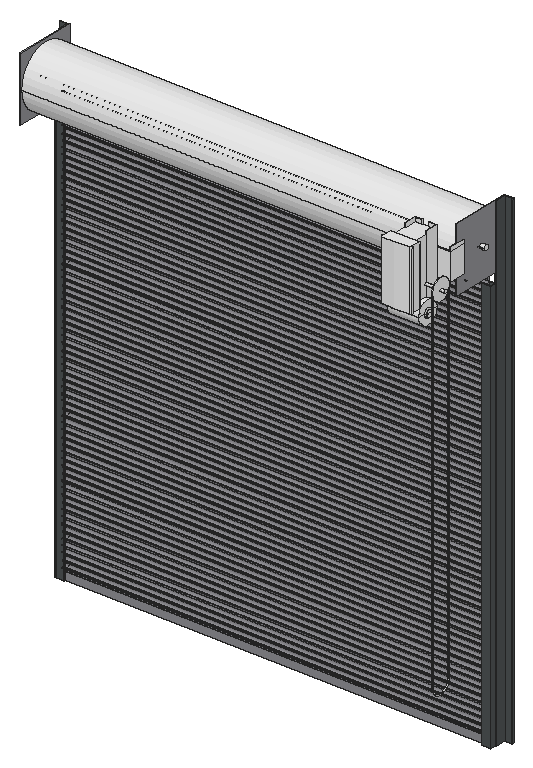
Revit family "FireKing-Fire-Rated-Service-Doors_OHD_Model-634_compact", category Specialty Equipment, host Wall, Revit 2023
Family settings
  Host = Wall
  Round Connector Dimension = Use Diameter
  Part Type = Normal
  OmniClass Number = 23.30.10.21.34
  OmniClass Title = Industrial Doors
  Enable Cutting in Views = No
  Always vertical = Yes
  Cut with Voids When Loaded = Yes
  Maintain Annotation Orientation = No
  Shared = No
  Room Calculation Point = No
Parameters (values of type "115 volts, one phase, 60 Hz (110-120V range)")
  Width Count [instance] = if(or(Opening Width < 168", Opening Width = 168"), 14, if(or(Opening Width < 240", Opening Width = 240"), 20, 24))  # 14
  Warning Sign [instance] = if(Calculated Area > 683.00 SF, 1 = 1, 1 = 2)  # no
  Warning (Note) [instance] = if(Warning Sign, "The Door Area is out of the limit; please adjust accordingly. The maximum allowed area is 683 sq. ft.", if(HC Warning = 1, "Headroom Clearance Dimensions - out of the limits. Consult Factory", " "))  # " "
  Wall Thickness [instance] = 6"
  Voltage = 115 V
  Version = "1.00.01"  # constant formula
  True Opening Width [instance] = Clear Width  # 120"
  True Opening Height [instance] = Clear Height  # 120"
  Slat Type [instance] = if(Slat Option < 2, "C-187", if(Slat Option = 2, "C-275", "F-265"))  # "C-187"
  Slat Option [instance] = 1
  Slat Material [instance] = Steel - Overhead Door - Gray
  Slat Length [instance] = Clear Width + 1 9/16" * 2 + 1/4" * 2  # 123 5/8"
  Slat Height [instance] = if(Slat < 2, 11 9/32", if(Slat = 2, 13 3/4", 13 19/128"))  # 11 9/32"
  Slat [instance] = if(Slat Option < 2, 1, if(Slat Option = 2, 2, 3))  # 1
  Product Page URL = "https://www.overheaddoor.com/fire-rated-service-doors-634"
  Power Factor = 1
  Powder Coat (Note) = "PowderGuard® Premium powder coat finish options are available in approximately 200 colors as well as custom matching to specification. PowderGuard® Textured finish, a thicker, more scratch resistant coat, is available in 11 colors providing enhanced scratch resistance as well as aiding in hiding the dirt and blemishes that often occur in commercial environments.​"  # constant formula
  Operator Visibility = yes
  Operation (Note) [instance] = "Door could operate by manual push, crank, electrical operator or chain hoist. Manual push up and crank could be used up to 80 sf, for larger door sizes you have to use Chain Hoist operator."  # constant formula
  Opening Width Real [instance] = if(Opening Width > Max Opening Width, Max Opening Width, if(Opening Width < Min Opening Width, Min Opening Width, Opening Width))  # 120"
  Opening Width [instance] = 120"
  Opening Height Real [instance] = if(Opening Height > Max Opening Height, Max Opening Height, if(Opening Height < Min Opening Height, Min Opening Height, Opening Height))  # 120"
  Opening Height [instance] = 120"
  One Array element [instance] = not(Array Vis)  # no
  Number of Poles = 1
  Motor Type [instance] = if(Motor Option < 2, "RSX FDO Front of Hood", if(Motor Option = 2, "RSX FDO Top of Hood", if(Motor Option = 3, "RSX Wall Mount", "RSX Bench Mount")))  # "RSX FDO Front of Hood"
  Motor Selection (Note) [instance] = "Generic operator shown. Contact Overhead Door when dimensions are critical. "  # constant formula
  Motor Position [instance] = 2 1/2"  # constant formula
  Motor Option Real [instance] = if(Motor Option < 1, 1, if(Motor Option > 4, 4, Motor Option))  # 1
  Motor Option [instance] = 1
  Min Opening Width [instance] = 18"  # constant formula
  Min Opening Height [instance] = 24"  # constant formula
  Max Opening Width [instance] = 494"  # constant formula
  Max Opening Height [instance] = 304"  # constant formula
  Lookup Table = "Hood Dimensions"  # constant formula
  Lookup BD [instance] = size_lookup(Lookup Table, if(Slat = 1, "A1", if(Slat = 2, "A2", "A3")), 10", Width Count, Height Count)  # 17 1/2"
  Jambs Offset [instance] = 0"  # constant formula
  Installation Real [instance] = Wall Thickness  # 6"
  Hood Type [instance] = if(Hood Option < 2, "No Hood", if(Hood Option = 2, "Square Hood", if(Hood Option = 3, "Octagon Hood", "Round Hood")))  # "No Hood"
  Hood Option [instance] = 1
  Hood Offset [instance] = if(Chain Hoist or Manual, 1", 3")  # 3"
  Hood Material [instance] = Metal - Overhead Door - Gray
  Hood Height [instance] = if(Hood Option > 1, Headroom Height - Hood Offset - 1 1/2", Headroom Height - Hood Offset)  # 18 5/8"
  Height Count [instance] = if(Slat = 1, HC 1, if(Slat = 2, HC 2, HC 3))  # 10
  Lookup HH [instance] = size_lookup(Lookup Table, if(Slat = 1, "B1", if(Slat = 2, "B2", "B3")), 10", Width Count, Height Count)  # 19 5/8"
  Headroom Height [instance] = if(Chain Hoist or Manual, Lookup HH, Lookup HH + 2")  # 21 5/8"
  HC Warning [instance] = size_lookup(Lookup Table, if(Slat = 1, "W1", if(Slat = 2, "W2", "W3")), 0, Width Count, Height Count)  # 0
  HC 3 [instance] = if(or(Opening Height < 120", Opening Height = 120"), 10, if(or(Opening Height < 168", Opening Height = 168"), 14, if(or(Opening Height < 192", Opening Height = 192"), 16, if(or(Opening Height < 216", Opening Height = 216"), 18, if(or(Opening Height < 228", Opening Height = 228"), 19, if(or(Opening Height < 252", Opening Height = 252"), 21, 24))))))  # 10
  HC 2 [instance] = if(or(Opening Height < 120", Opening Height = 120"), 10, if(or(Opening Height < 132", Opening Height = 132"), 11, if(or(Opening Height < 168", Opening Height = 168"), 14, if(or(Opening Height < 192", Opening Height = 192"), 16, if(or(Opening Height < 216", Opening Height = 216"), 18, if(or(Opening Height < 228", Opening Height = 228"), 19, if(or(Opening Height < 252", Opening Height = 252"), 21, 24)))))))  # 10
  HC 1 [instance] = if(or(Opening Height < 120", Opening Height = 120"), 10, if(or(Opening Height < 252", Opening Height = 252"), 21, 24))  # 10
  Guide Type [instance] = "Angled Z Guide"  # constant formula
  Guide Option [instance] = 2  # constant formula
  Guid Depth [instance] = 5"  # constant formula
  Frequency = 60 Hz
  Face of Wall Offset [instance] = 5"  # constant formula
  Door Width True [instance] = Clear Width + 5 3/4" * 2  # 131 1/2"
  Door Width (Real) [instance] = Clear Width + 1" / 2  # 120 1/2"
  Door Height True [instance] = Clear Width + Headroom Height  # 141 5/8"
  Door Height (Real) [instance] = Clear Height + Hood Offset  # 123"
  URL = "https://www.overheaddoor.com/"
  Product data url = "https://www.bimobject.com/overhead-door/product/fireking-fire-rated-service-doors-634"
  Product Guid = "4cbd5561-2503-414f-8e19-e77c0373dcf8"
  Model = "634"  # constant formula
  Manufacturer = "Overhead Door Corporation"  # constant formula
  Wall Closure = By host
  Floor To (CL) of Shaft [instance] = Clear Height + Hood Height / 2 + Hood Offset  # 132 5/16"
  Finish Material = Finish - Overhead Door - Black
  Description = "FireKing Model 634 Rolling Fire Door"  # constant formula
  Default Elevation = 0"
  Date Updated = "2026/05/29"  # constant formula
  Clear Width [instance] = Opening Width Real  # 120"
  Clear Height [instance] = Opening Height Real  # 120"
  Chain Hoist or Manual = no
  Current = 20 A
  Connector Array Distance = 0"  # constant formula
  Connector Array = if(Chain Hoist or Manual, 2, 3)  # 3
  BimObject_Variable_Connectors = "No"  # constant formula
  Bar [instance] = no
  Backroom Depth [instance] = Lookup BD  # 17 1/2"
  BJ Opening Cut [instance] = 0"  # constant formula
  BJ Displacement Real [instance] = 0"  # constant formula
  Array Vis [instance] = if(Array < 2, 1 = 2, 1 = 1)  # yes
  Array Real [instance] = if(Array < 2, 2, Array)  # 11
  Array Length [instance] = (Array) * Slat Height  # 124 3/32"
  Array [instance] = rounddown(([Door Height (Real)]) / Slat Height) + 1  # 11
  Calculated Area [instance] = [Door Width (Real)] * [Door Height (Real)]  # 102.927 SF
  Apparent Load Phase 3 = if(Number of Poles = 1, 0 VA, (Voltage * Current * sqrt(3)) / 3)  # 0 VA
  Apparent Load Phase 2 = if(Number of Poles = 1, 0 VA, (Voltage * Current * sqrt(3)) / 3)  # 0 VA
  Apparent Load Phase 1 = if(Number of Poles = 1, Voltage * Current, (Voltage * Current * sqrt(3)) / 3)  # 2300 VA
Reference planes (in)
  plane 1 "Center (Front/Back)": y = -14.625
  plane 2 "Center (Left/Right)": x = 0
  plane 3 "Left": x = -60
  plane 4 "Right": x = 60
  plane 5 "Exterior": y = -8.625
  plane 6 "Interior": y = -14.625
  plane 7: x = 65.75
  plane 8: x = -65.75
  plane 9: z = 120
  plane 10 "Main": y = -18.98437
  plane 11 "Backroom Depth": y = -32.125
  plane 12 "Main Door Block": y = -14.625
  plane 13 "Bottom Bar": z = 2.75
  plane 14: y = -19.625
  plane 15: z = 126.84375
  plane 16: z = 141.625
  plane 17: z = 123
  plane 18: z = 143.125
  plane 19: z = 0
  plane 20: z = 60
  plane 21: y = -18.7185
  plane 22: y = 18.375
  plane 23: y = -41.625
  plane 24 "Double Main": y = -18.406
  plane 25 "Headroom Top": z = 141.625
  plane 26: z = 132.3125
  plane 27: x = 63.25
  plane 28: x = -63.25
Forms (in)
  Extrusion 1, void
    sketch origin (0, -14.625, 0) x (0, 0, -1) y (-1, 0, 0)
      loop
        line (-120, 60) -> (-120, -60) -> (0, -60) -> (0, 60) -> (-120, 60)
    from 0 to 6
  Extrusion 2, solid, material "Metal - Overhead Door - Gray" <- "Hood Material", visible <- "Bar"
    sketch origin (0, 0, 0) x (0, 1, 0) y (0, 0, 1)
      loop
        line (-14.875, 141.625) -> (-14.625, 141.625) -> (-14.625, 143.125) -> (-14.875, 143.125) -> (-14.875, 141.625)
    from -63 to 63
Lines and regions (in)
  symbolic lines, visible <- "Bar"
    curve 1: line (63, -14.625, 0) -> (-63, -14.625, 0)
    curve 2: line (-63, -14.875, 0) -> (63, -14.875, 0)
Text (in)
  text "Exterior" at (-74.96733, 27.31104, 0), in view "Ref. Level"
  text "Interior" at (-74.96733, -25.14366, 0), in view "Ref. Level"
  text "Exterior" at (0, 40.15149, 123.01588), in view "Right"
  text "Interior" at (0, -64.39139, 123.01588), in view "Right"
  text "Interior" at (0, -31.01599, 123.00693), in view "Left"
  text "Exterior" at (0, 54.57065, 123.00693), in view "Left"
Dimensions and locks (in)
  equal spacing: plane 3 "Left", plane 2 "Center (Left/Right)", plane 4 "Right"
  "Clear Width": plane 3 "Left" to plane 4 "Right"
  level to host wall = 459.59655"
  "Clear Height": level to plane 9
  plane 7 to plane 8 = 131 1/2"
  equal spacing: plane 7, plane 2 "Center (Left/Right)", plane 8
  locked: plane 13 "Bottom Bar" to level at 2.75
  "Door Width True": plane 7 to plane 8
  "Guid Depth": plane 14 to plane 12 "Main Door Block"
  locked: plane 14 to plane 10 "Main" at 0.64063
  equal spacing: group 1, group 3, group 4, group 5, group 6, group 7, group 8, group 9, group 10, group 11, group 2  (x3)
  "Array Length": plane 15 to plane 13 "Bottom Bar"
  "Backroom Depth": plane 11 "Backroom Depth" to plane 12 "Main Door Block"
  "Hood Height": plane 16 to plane 17
  locked: plane 18 to plane 16 at 1.5
  locked: Extrusion 2 sketch curve to Extrusion 2 sketch curve at 0.25
  "Installation Real": plane 1 "Center (Front/Back)" to plane 5 "Exterior"
  "Wall Thickness": host wall to host wall
  equal spacing: plane 9, plane 20, plane 19
  locked: plane 10 "Main" to plane 21 at 0.26587
  equal spacing: plane 22, host wall, plane 23
  locked: plane 22 to plane 23 at 60
  locked: plane 10 "Main" to plane 24 "Double Main" at 0.57837
  "BJ Opening Cut": Extrusion 1 sketch curve to plane 9
  locked: Extrusion 2 sketch curve to Extrusion 2 sketch curve at 1.5
  "Hood Offset": plane 17 to plane 9
  "Headroom Height": plane 25 "Headroom Top" to plane 9
  "Floor To (CL) of Shaft": plane 26 to level
  "Jambs Offset": plane 4 "Right" to Extrusion 1 sketch curve
  "Jambs Offset": Extrusion 1 sketch curve to plane 3 "Left"
  "Motor Position": plane 7 to plane 27
  "Motor Position": plane 28 to plane 8
  locked: plane 28 to Extrusion 2 at 0.25
  locked: Extrusion 2 to plane 27 at 0.25
  aligned and locked: plane 5 "Exterior" to host wall
  aligned and locked: host wall to plane 6 "Interior"
  aligned and locked: level to Extrusion 1 sketch curve
  aligned and locked: Extrusion 1 to plane 5 "Exterior"
  aligned and locked: plane 6 "Interior" to Extrusion 1
  aligned and locked: nested 1 to plane 10 "Main"
  aligned and locked: nested 2 to plane 10 "Main"
  aligned and locked: plane 13 "Bottom Bar" to nested 1
  aligned and locked: nested 3 to plane 2 "Center (Left/Right)"
  aligned and locked: plane 16 to nested 4
  aligned and locked: nested 3 to level
  aligned and locked: Extrusion 2 sketch curve to plane 18
  aligned and locked: plane 6 "Interior" to Extrusion 2 sketch curve
  aligned and locked: curve 1 to Extrusion 2  (x2)
  aligned and locked: curve 2 to Extrusion 2  (x2)
  aligned and locked: Extrusion 2 to curve 2
  aligned and locked: plane 12 "Main Door Block" to plane 1 "Center (Front/Back)"
  aligned and locked: plane 5 "Exterior" to nested 4
  aligned and locked: level to plane 19
  aligned and locked: plane 15 to nested 2
  aligned and locked: nested 3 to plane 1 "Center (Front/Back)"
  aligned and locked: plane 2 "Center (Left/Right)" to nested 5
  aligned and locked: nested 5 to plane 22
  aligned and locked: plane 23 to nested 6
  aligned and locked: nested 6 to plane 2 "Center (Left/Right)"
  aligned and locked: nested 7 to plane 20
  aligned and locked: plane 2 "Center (Left/Right)" to nested 7
  aligned and locked: nested 7 to plane 10 "Main"
  aligned and locked: plane 13 "Bottom Bar" to nested 8
  aligned and locked: plane 2 "Center (Left/Right)" to nested 8
  aligned and locked: nested 8 to plane 10 "Main"
  aligned and locked: nested 4 to plane 27
  aligned and locked: plane 2 "Center (Left/Right)" to nested 1
  aligned and locked: plane 2 "Center (Left/Right)" to nested 9
Automatic sketch dimensions
  curve 1 to curve 2 = 0"
Nested families (in)
  nested 1: "Slat" at (0, -18.98437, 2.75), visible <- "Array Vis", type "Slat"
  nested 2: "Slat" at (0, -18.98437, 115.56375), visible <- "Array Vis", type "Slat"
  nested 3: "Lifts" at (0, -14.625, 0), type "Frame Unit"
    with Square Hood no, Round Hood no, Octagon Hood no, No Hood yes, Hood Offset 3", Hood Height 18 5/8", Half Hood Height 18 5/8", Floor To (CL) of Shaft 132 5/16"
  nested 4: "Motor" at (56.3705, -39.705, 121.2425), visible <- "Operator Visibility", type "Trolley Motor"
  nested 5: "Label Annotation 1" at (0, 18.375, 0), visible <- "Warning Sign", type "Label Annotation 1"
  nested 6: "Label Annotation 1" at (0, -41.625, 0) x (-1, 0, 0) z (0, 0, 1), visible <- "Warning Sign", type "Label Annotation 1"
  nested 7: "Warning Sign" at (0, -18.98437, 60), visible <- "Warning Sign", type "Warning Sign"
    with Warning Sign no
  nested 8: "Slat" at (0, -18.98437, 2.75), visible <- "One Array element", type "Slat"
  nested 9: "Slat" at (0, -18.98437, 14.03137), visible <- "Array Vis", type "Slat"
  nested 10: "Slat" at (0, -18.98437, 25.31275), visible <- "Array Vis", type "Slat"
  nested 11: "Slat" at (0, -18.98437, 36.59412), visible <- "Array Vis", type "Slat"
  nested 12: "Slat" at (0, -18.98437, 47.8755), visible <- "Array Vis", type "Slat"
  nested 13: "Slat" at (0, -18.98437, 59.15687), visible <- "Array Vis", type "Slat"
  nested 14: "Slat" at (0, -18.98437, 70.43825), visible <- "Array Vis", type "Slat"
  nested 15: "Slat" at (0, -18.98437, 81.71963), visible <- "Array Vis", type "Slat"
  nested 16: "Slat" at (0, -18.98437, 93.001), visible <- "Array Vis", type "Slat"
  nested 17: "Slat" at (0, -18.98437, 104.28238), visible <- "Array Vis", type "Slat"
Connectors (in)
  electrical at (59.3585, -38.31077, 131.8123), driven by "Apparent Load Phase 1", driven by "Number of Poles", driven by "Power Factor", driven by "Voltage", driven by "Apparent Load Phase 2", driven by "Apparent Load Phase 3"
    settings: on nested 4, index 1, voltage 115 V, apparent load 0 VA, apparent load phase1 2300 VA, apparent load phase2 0 VA, apparent load phase3 0 VA, power factor 1, load classification "Other", number of poles 1, system type 31, power factor state 1, is connector primary yes, connector utility no, sub classification motor no, connector description "Electrical Connector"
Definition of nested family "Slat"
  Parameters (values of type "Slat")
    Slat Width = if(Slat Option < 2, 0.53", if(Slat Option = 2, 0.88", 0.63"))  # 0.53"
    Slat Position = if(Slat Option < 2, 1.88" * 6, if(Slat Option = 2, 2 3/4" * 5, 2.63" * 5))  # 11.28"
    Slat Option = 1
    Panel Material = none
    Opening Width = 123 5/8"
    F 265 = if(Slat Option > 2, 1 = 1, 1 = 2)  # no
    Default Elevation = 48"
    C 275 = if(Slat Option = 2, 1 = 1, 1 = 2)  # no
    C 187 = if(Slat Option < 2, 1 = 1, 1 = 2)  # yes
  Reference planes (in)
    plane 1 "Center (Front/Back)": y = 0
    plane 2: z = 0
    plane 3 "Center (Left/Right)": x = 0
    plane 4: x = -61.8125
    plane 5: x = 61.8125
    plane 6: y = 0.53
    plane 7: y = 0
    plane 8: z = 0
    plane 9: z = 11.28
    plane 10: y = 0.265
  Forms (in)
    Extrusion 1, solid, material <- "Panel Material", visible <- "C 187"
      sketch origin (0, -4.98186, 11.28) x (0, 1, 0) y (0, 0, 1)
        loop
          arc (5.13374, -0.19852) -> (5.22413, 0.04375) -> (4.98186, -0.04664) r 0.14213
          arc (4.98186, -0.04664) -> (5.00563, -0.16042) -> (5.08572, -0.24466) r 0.21243
          arc (5.08572, -0.24466) -> (5.4383, -0.89756) -> (5.02595, -1.51447) r 0.71901
          arc (5.02595, -1.51447) -> (4.97908, -1.58828) -> (5.02595, -1.6621) r 0.08156
          arc (5.02595, -1.6621) -> (5.11263, -1.7164) -> (5.18387, -1.78979) r 0.42621
          arc (5.18387, -1.78979) -> (4.98591, -1.90085) -> (5.06579, -2.11331) r 0.17419
          arc (5.06579, -2.11331) -> (5.43875, -2.76611) -> (5.02595, -3.39447) r 0.71901
          arc (5.02595, -3.39447) -> (4.97908, -3.46828) -> (5.02595, -3.5421) r 0.08156
          arc (5.02595, -3.5421) -> (5.11263, -3.5964) -> (5.18387, -3.66979) r 0.42621
          arc (5.18387, -3.66979) -> (4.98591, -3.78085) -> (5.06579, -3.99331) r 0.17419
          arc (5.06579, -3.99331) -> (5.43875, -4.64611) -> (5.02595, -5.27447) r 0.71901
          arc (5.02595, -5.27447) -> (4.97908, -5.34828) -> (5.02595, -5.4221) r 0.08156
          arc (5.02595, -5.4221) -> (5.11263, -5.4764) -> (5.18387, -5.54979) r 0.42621
          arc (5.18387, -5.54979) -> (4.98591, -5.66085) -> (5.06579, -5.87331) r 0.17419
          arc (5.06579, -5.87331) -> (5.43875, -6.52611) -> (5.02595, -7.15447) r 0.71901
          arc (5.02595, -7.15447) -> (4.97908, -7.22828) -> (5.02595, -7.3021) r 0.08156
          arc (5.02595, -7.3021) -> (5.11263, -7.3564) -> (5.18387, -7.42979) r 0.42621
          arc (5.18387, -7.42979) -> (4.98591, -7.54085) -> (5.06579, -7.75331) r 0.17419
          arc (5.06579, -7.75331) -> (5.43875, -8.40611) -> (5.02595, -9.03447) r 0.71901
          arc (5.02595, -9.03447) -> (4.97908, -9.10828) -> (5.02595, -9.1821) r 0.08156
          arc (5.02595, -9.1821) -> (5.11263, -9.2364) -> (5.18387, -9.30979) r 0.42621
          arc (5.18387, -9.30979) -> (4.98591, -9.42085) -> (5.06579, -9.63331) r 0.17419
          arc (5.06579, -9.63331) -> (5.43875, -10.28611) -> (5.02595, -10.91447) r 0.71901
          arc (5.02595, -10.91447) -> (4.97908, -10.98828) -> (5.02595, -11.0621) r 0.08156
          arc (5.02595, -11.0621) -> (5.11263, -11.1164) -> (5.18387, -11.18979) r 0.42621
          arc (5.18387, -11.18979) -> (4.98464, -11.27401) -> (5.11521, -11.44645) r 0.13704
          arc (5.11521, -11.44645) -> (5.2675, -11.35269) -> (5.24767, -11.17496) r 0.167
          arc (5.24767, -11.17496) -> (5.15003, -11.06824) -> (5.03941, -10.97505) r 1.11641
          arc (5.03941, -10.97505) -> (5.51106, -10.31587) -> (5.13374, -9.59852) r 0.77203
          arc (5.13374, -9.59852) -> (5.27713, -9.47917) -> (5.24767, -9.29496) r 0.18851
          arc (5.24767, -9.29496) -> (5.15003, -9.18824) -> (5.03941, -9.09505) r 1.11641
          arc (5.03941, -9.09505) -> (5.51106, -8.43587) -> (5.13374, -7.71852) r 0.77203
          arc (5.13374, -7.71852) -> (5.27713, -7.59917) -> (5.24767, -7.41496) r 0.18851
          arc (5.24767, -7.41496) -> (5.15003, -7.30824) -> (5.03941, -7.21505) r 1.11641
          arc (5.03941, -7.21505) -> (5.51106, -6.55587) -> (5.13374, -5.83852) r 0.77203
          arc (5.13374, -5.83852) -> (5.27713, -5.71917) -> (5.24767, -5.53496) r 0.18851
          arc (5.24767, -5.53496) -> (5.15003, -5.42824) -> (5.03941, -5.33505) r 1.11641
          arc (5.03941, -5.33505) -> (5.51106, -4.67587) -> (5.13374, -3.95852) r 0.77203
          arc (5.13374, -3.95852) -> (5.27713, -3.83917) -> (5.24767, -3.65496) r 0.18851
          arc (5.24767, -3.65496) -> (5.15003, -3.54824) -> (5.03941, -3.45505) r 1.11641
          arc (5.03941, -3.45505) -> (5.51106, -2.79587) -> (5.13374, -2.07852) r 0.77203
          arc (5.13374, -2.07852) -> (5.27713, -1.95917) -> (5.24767, -1.77496) r 0.18851
          arc (5.24767, -1.77496) -> (5.15003, -1.66824) -> (5.03941, -1.57505) r 1.11641
          arc (5.03941, -1.57505) -> (5.51106, -0.91587) -> (5.13374, -0.19852) r 0.77203
      from -61.8125 to 61.8125
    Extrusion 2, solid, material <- "Panel Material", visible <- "F 265"
      sketch origin (0, -4.98186, 11.28) x (0, 1, 0) y (0, 0, 1)
        loop
          arc (5.02225, -13.3083) -> (5.02946, -13.359) -> (5.06714, -13.39369) r 0.07621
          line (5.06714, -13.39369) -> (5.50213, -13.53037)
          arc (5.50213, -13.53037) -> (5.5795, -13.52023) -> (5.61555, -13.45101) r 0.08448
          line (5.61555, -13.45101) -> (5.61555, -11.01166)
          arc (5.61555, -11.01166) -> (5.59226, -10.95542) -> (5.53602, -10.93213) r 0.07953
          line (5.53602, -10.93213) -> (5.07146, -10.90651)
          arc (5.07146, -10.90651) -> (5.05162, -10.89829) -> (5.0434, -10.87845) r 0.02806
          line (5.0434, -10.87845) -> (5.06714, -10.76816) -> (5.50213, -10.90484)
          arc (5.50213, -10.90484) -> (5.5795, -10.8947) -> (5.61555, -10.82548) r 0.08448
          line (5.61555, -10.82548) -> (5.61555, -8.38613)
          arc (5.61555, -8.38613) -> (5.59226, -8.32989) -> (5.53602, -8.3066) r 0.07953
          line (5.53602, -8.3066) -> (5.07145, -8.28099)
          arc (5.07145, -8.28099) -> (5.05162, -8.27278) -> (5.0434, -8.25295) r 0.02804
          line (5.0434, -8.25295) -> (5.06682, -8.14253) -> (5.50213, -8.27931)
          arc (5.50213, -8.27931) -> (5.5795, -8.26916) -> (5.61555, -8.19995) r 0.08448
          line (5.61555, -8.19995) -> (5.61555, -5.7606)
          arc (5.61555, -5.7606) -> (5.59226, -5.70436) -> (5.53602, -5.68106) r 0.07953
          line (5.53602, -5.68106) -> (5.07146, -5.65544)
          arc (5.07146, -5.65544) -> (5.05162, -5.64722) -> (5.0434, -5.62738) r 0.02806
          line (5.0434, -5.62738) -> (5.06714, -5.51709) -> (5.50213, -5.65378)
          arc (5.50213, -5.65378) -> (5.5795, -5.64363) -> (5.61555, -5.57441) r 0.08448
          line (5.61555, -5.57441) -> (5.61555, -3.13506)
          arc (5.61555, -3.13506) -> (5.59226, -3.07882) -> (5.53602, -3.05553) r 0.07953
          line (5.53602, -3.05553) -> (5.07145, -3.02992)
          arc (5.07145, -3.02992) -> (5.05162, -3.02171) -> (5.0434, -3.00188) r 0.02804
          line (5.0434, -3.00188) -> (5.06682, -2.89146) -> (5.50213, -3.02824)
          arc (5.50213, -3.02824) -> (5.5795, -3.0181) -> (5.61555, -2.94888) r 0.08448
          line (5.61555, -2.94888) -> (5.61555, -0.50953)
          arc (5.61555, -0.50953) -> (5.59226, -0.45329) -> (5.53602, -0.43) r 0.07953
          line (5.53602, -0.43) -> (5.07094, -0.40562)
          arc (5.07094, -0.40562) -> (5.05177, -0.39768) -> (5.04383, -0.37851) r 0.02711
          line (5.04383, -0.37851) -> (5.09718, -0.11725)
          arc (5.09718, -0.11725) -> (5.4945, 0.04334) -> (5.06596, 0.04602) r 0.21842
          line (5.06596, 0.04602) -> (4.98186, -0.36586)
          arc (4.98186, -0.36586) -> (4.99921, -0.43741) -> (5.06536, -0.46972) r 0.08656
          line (5.06536, -0.46972) -> (5.51922, -0.48958)
          arc (5.51922, -0.48958) -> (5.54224, -0.4991) -> (5.55178, -0.52211) r 0.03256
          line (5.55178, -0.52211) -> (5.55375, -2.9399)
          arc (5.55375, -2.9399) -> (5.54189, -2.96619) -> (5.51328, -2.96983) r 0.02952
          line (5.51328, -2.96983) -> (5.0787, -2.83327) -> (5.09726, -2.74238)
          arc (5.09726, -2.74238) -> (5.49489, -2.58243) -> (5.06631, -2.57951) r 0.21842
          line (5.06631, -2.57951) -> (4.98186, -2.99139)
          arc (4.98186, -2.99139) -> (4.99921, -3.06294) -> (5.06536, -3.09526) r 0.08656
          line (5.06536, -3.09526) -> (5.51922, -3.11511)
          arc (5.51922, -3.11511) -> (5.54224, -3.12464) -> (5.55178, -3.14764) r 0.03256
          line (5.55178, -3.14764) -> (5.55375, -5.56543)
          arc (5.55375, -5.56543) -> (5.54189, -5.59173) -> (5.51328, -5.59536) r 0.02952
          line (5.51328, -5.59536) -> (5.07902, -5.45891) -> (5.09752, -5.36831)
          arc (5.09752, -5.36831) -> (5.49485, -5.20773) -> (5.06631, -5.20505) r 0.21842
          line (5.06631, -5.20505) -> (4.98186, -5.61692)
          arc (4.98186, -5.61692) -> (4.99921, -5.68847) -> (5.06536, -5.72079) r 0.08656
          line (5.06536, -5.72079) -> (5.51922, -5.74064)
          arc (5.51922, -5.74064) -> (5.54224, -5.75017) -> (5.55178, -5.77318) r 0.03256
          line (5.55178, -5.77318) -> (5.55375, -8.19096)
          arc (5.55375, -8.19096) -> (5.54189, -8.21726) -> (5.51328, -8.22089) r 0.02952
          line (5.51328, -8.22089) -> (5.0787, -8.08434) -> (5.09726, -7.99345)
          arc (5.09726, -7.99345) -> (5.49489, -7.83349) -> (5.06631, -7.83058) r 0.21842
          line (5.06631, -7.83058) -> (4.98186, -8.24245)
          arc (4.98186, -8.24245) -> (4.99921, -8.31401) -> (5.06536, -8.34632) r 0.08656
          line (5.06536, -8.34632) -> (5.51922, -8.36618)
          arc (5.51922, -8.36618) -> (5.54224, -8.3757) -> (5.55178, -8.39871) r 0.03256
          line (5.55178, -8.39871) -> (5.55375, -10.8165)
          arc (5.55375, -10.8165) -> (5.54189, -10.84279) -> (5.51328, -10.84643) r 0.02952
          line (5.51328, -10.84643) -> (5.07902, -10.70997) -> (5.09752, -10.61938)
          arc (5.09752, -10.61938) -> (5.49485, -10.45879) -> (5.06631, -10.45611) r 0.21842
          line (5.06631, -10.45611) -> (4.98186, -10.86799)
          arc (4.98186, -10.86799) -> (4.99921, -10.93954) -> (5.06536, -10.97185) r 0.08656
          line (5.06536, -10.97185) -> (5.51922, -10.99171)
          arc (5.51922, -10.99171) -> (5.54224, -11.00124) -> (5.55178, -11.02424) r 0.03256
          line (5.55178, -11.02424) -> (5.55375, -13.44203)
          arc (5.55375, -13.44203) -> (5.54189, -13.46832) -> (5.51328, -13.47196) r 0.02952
          line (5.51328, -13.47196) -> (5.0787, -13.3354) -> (5.09726, -13.24451)
          arc (5.09726, -13.24451) -> (5.49489, -13.08456) -> (5.06631, -13.08164) r 0.21842
          line (5.06631, -13.08164) -> (5.01978, -13.30779)
      from -61.8125 to 61.8125
    Extrusion 3, solid, material <- "Panel Material", visible <- "C 275"
      sketch origin (0, -4.98186, 11.28) x (0, 1, 0) y (0, 0, 1)
        loop
          line (5.41686, -0.22417) -> (5.41686, 0)
          arc (5.41686, 0) -> (5.05386, 0.17026) -> (5.15503, -0.21771) r 0.22143
          arc (5.15503, -0.21771) -> (5.50356, -0.34009) -> (5.79849, -0.56251) r 1.20236
          line (5.79849, -0.56251) -> (5.79849, -1.75298)
          arc (5.79849, -1.75298) -> (5.49161, -2.09311) -> (5.07676, -2.28744) r 1.15681
          arc (5.07676, -2.28744) -> (4.97768, -2.42727) -> (5.10235, -2.54485) r 0.13061
          arc (5.10235, -2.54485) -> (4.97574, -2.77341) -> (5.15503, -2.96347) r 0.22143
          arc (5.15503, -2.96347) -> (5.50356, -3.08586) -> (5.79849, -3.30827) r 1.20236
          line (5.79849, -3.30827) -> (5.79849, -4.49874)
          arc (5.79849, -4.49874) -> (5.49161, -4.83887) -> (5.07676, -5.03321) r 1.15681
          arc (5.07676, -5.03321) -> (4.97829, -5.17815) -> (5.11266, -5.29063) r 0.13061
          arc (5.11266, -5.29063) -> (4.97511, -5.51807) -> (5.15503, -5.71371) r 0.22143
          arc (5.15503, -5.71371) -> (5.50356, -5.8361) -> (5.79849, -6.05851) r 1.20236
          line (5.79849, -6.05851) -> (5.79849, -7.24898)
          arc (5.79849, -7.24898) -> (5.49161, -7.58911) -> (5.07676, -7.78344) r 1.15681
          arc (5.07676, -7.78344) -> (4.97768, -7.92327) -> (5.10235, -8.04085) r 0.13061
          arc (5.10235, -8.04085) -> (4.97574, -8.26941) -> (5.15503, -8.45948) r 0.22143
          arc (5.15503, -8.45948) -> (5.50356, -8.58186) -> (5.79849, -8.80427) r 1.20236
          line (5.79849, -8.80427) -> (5.79849, -9.99475)
          arc (5.79849, -9.99475) -> (5.49161, -10.33487) -> (5.07676, -10.52921) r 1.15681
          arc (5.07676, -10.52921) -> (4.97829, -10.67415) -> (5.11266, -10.78663) r 0.13061
          arc (5.11266, -10.78663) -> (4.97511, -11.01407) -> (5.15503, -11.20971) r 0.22143
          arc (5.15503, -11.20971) -> (5.50356, -11.3321) -> (5.79849, -11.55451) r 1.20236
          line (5.79849, -11.55451) -> (5.79849, -12.74498)
          arc (5.79849, -12.74498) -> (5.49161, -13.08511) -> (5.07676, -13.27945) r 1.15681
          arc (5.07676, -13.27945) -> (4.97768, -13.41927) -> (5.10235, -13.53685) r 0.13061
          arc (5.10235, -13.53685) -> (5.21569, -13.95826) -> (5.25036, -13.52326) r 0.22143
          line (5.25036, -13.52326) -> (5.07719, -13.43535)
          arc (5.07719, -13.43535) -> (5.0486, -13.38199) -> (5.08882, -13.33673) r 0.0529
          arc (5.08882, -13.33673) -> (5.53303, -13.12837) -> (5.85849, -12.7612) r 1.21407
          line (5.85849, -12.7612) -> (5.85849, -11.53168)
          arc (5.85849, -11.53168) -> (5.65615, -11.34806) -> (5.41686, -11.21617) r 1.17443
          line (5.41686, -11.21617) -> (5.41686, -10.992)
          arc (5.41686, -10.992) -> (5.38383, -10.87566) -> (5.29461, -10.79403) r 0.22143
          line (5.29461, -10.79403) -> (5.07719, -10.68511)
          arc (5.07719, -10.68511) -> (5.0486, -10.63175) -> (5.08882, -10.58649) r 0.0529
          arc (5.08882, -10.58649) -> (5.53303, -10.37813) -> (5.85849, -10.01096) r 1.21407
          line (5.85849, -10.01096) -> (5.85849, -8.78144)
          arc (5.85849, -8.78144) -> (5.65615, -8.59783) -> (5.41686, -8.46594) r 1.17443
          line (5.41686, -8.46594) -> (5.41686, -8.24176)
          arc (5.41686, -8.24176) -> (5.37035, -8.10599) -> (5.25036, -8.02726) r 0.22143
          line (5.25036, -8.02726) -> (5.07719, -7.93935)
          arc (5.07719, -7.93935) -> (5.0486, -7.88599) -> (5.08882, -7.84073) r 0.0529
          arc (5.08882, -7.84073) -> (5.53303, -7.63236) -> (5.85849, -7.26519) r 1.21407
          line (5.85849, -7.26519) -> (5.85849, -6.03568)
          arc (5.85849, -6.03568) -> (5.65615, -5.85206) -> (5.41686, -5.72017) r 1.17443
          line (5.41686, -5.72017) -> (5.41686, -5.496)
          arc (5.41686, -5.496) -> (5.39015, -5.39058) -> (5.31648, -5.31059) r 0.22143
          line (5.31648, -5.31059) -> (5.07719, -5.18911)
          arc (5.07719, -5.18911) -> (5.0486, -5.13575) -> (5.08882, -5.09049) r 0.0529
          arc (5.08882, -5.09049) -> (5.53303, -4.88213) -> (5.85849, -4.51496) r 1.21407
          line (5.85849, -4.51496) -> (5.85849, -3.28544)
          arc (5.85849, -3.28544) -> (5.65615, -3.10183) -> (5.41686, -2.96993) r 1.17443
          line (5.41686, -2.96993) -> (5.41686, -2.74576)
          arc (5.41686, -2.74576) -> (5.37035, -2.60999) -> (5.25036, -2.53126) r 0.22143
          line (5.25036, -2.53126) -> (5.07719, -2.44335)
          arc (5.07719, -2.44335) -> (5.0486, -2.38998) -> (5.08882, -2.34473) r 0.0529
          arc (5.08882, -2.34473) -> (5.53303, -2.13636) -> (5.85849, -1.76919) r 1.21407
          line (5.85849, -1.76919) -> (5.85849, -0.53968)
          arc (5.85849, -0.53968) -> (5.65615, -0.35606) -> (5.41686, -0.22417) r 1.17443
      from -61.8125 to 61.8125
  Lines and regions (in)
    reference lines
      curve 1: line (0, -4.98186, 11.28) -> (0, 9.9877, 11.28)
  Dimensions and locks (in)
    equal spacing: plane 4, plane 3 "Center (Left/Right)", plane 5
    "Opening Width": plane 4 to plane 5
    "Slat Width": plane 1 "Center (Front/Back)" to plane 6
    "Slat Position": plane 9 to level
    equal spacing: plane 1 "Center (Front/Back)", plane 10, plane 6
    aligned and locked: plane 2 to level
    aligned and locked: plane 1 "Center (Front/Back)" to plane 7
    aligned and locked: level to plane 8
    aligned and locked: plane 5 to Extrusion 1
    aligned and locked: plane 4 to Extrusion 1
    aligned and locked: plane 5 to Extrusion 2
    aligned and locked: plane 4 to Extrusion 2
    aligned and locked: plane 5 to Extrusion 3
    aligned and locked: plane 4 to Extrusion 3
    aligned and locked: curve 1 to plane 9
  Automatic sketch dimensions
    plane 1 "Center (Front/Back)" to curve 1 = 4.98186"
    curve 1 to plane 6 = 9.4577"
    curve 1 to Extrusion 1 sketch curve = 4.37692"
    Extrusion 1 sketch curve to Extrusion 1 sketch curve = 0"  (x25)
    Extrusion 1 sketch curve to Extrusion 1 sketch curve = 0.34316"  (x6)
    Extrusion 1 sketch curve to Extrusion 1 sketch curve = 0.02075"  (x6)
    Extrusion 1 sketch curve to Extrusion 1 sketch curve = 0.46772"  (x6)
    Extrusion 1 sketch curve to Extrusion 1 sketch curve = 0.21601"  (x6)
    Extrusion 1 sketch curve to Extrusion 1 sketch curve = 0.25599"  (x5)
    Extrusion 1 sketch curve to Extrusion 1 sketch curve = 0.0004"
    curve 1 to Extrusion 1 sketch curve = 0.05675"
    Extrusion 1 sketch curve to Extrusion 1 sketch curve = 49/128"
    Extrusion 1 sketch curve to Extrusion 1 sketch curve = 0.04891"  (x5)
    Extrusion 1 sketch curve to Extrusion 1 sketch curve = 0.07012"
    curve 1 to Extrusion 1 sketch curve = 0.06175"
    curve 1 to Extrusion 1 sketch curve = 0.86309"
    Extrusion 1 sketch curve to Extrusion 1 sketch curve = 0.00067"  (x6)
    Extrusion 1 sketch curve to Extrusion 1 sketch curve = 0.72519"  (x6)
    Extrusion 1 sketch curve to Extrusion 1 sketch curve = 0.30465"  (x5)
    Extrusion 1 sketch curve to Extrusion 1 sketch curve = 0.06764"  (x5)
    Extrusion 1 sketch curve to Extrusion 1 sketch curve = 0.15488"  (x5)
    Extrusion 1 sketch curve to Extrusion 1 sketch curve = 0.42583"  (x6)
    Extrusion 1 sketch curve to Extrusion 1 sketch curve = 0.26945"  (x5)
    Extrusion 1 sketch curve to Extrusion 1 sketch curve = 0.02995"
    curve 1 to Extrusion 1 sketch curve = 0.04664"
    Extrusion 1 sketch curve to Extrusion 1 sketch curve = 0.0347"  (x8)
    Extrusion 1 sketch curve to Extrusion 1 sketch curve = 0.02124"  (x6)
    Extrusion 1 sketch curve to Extrusion 1 sketch curve = 0.00181"
    Extrusion 1 sketch curve to Extrusion 1 sketch curve = 0.04801"
    Extrusion 1 sketch curve to Extrusion 1 sketch curve = 0.06794"  (x5)
    Extrusion 1 sketch curve to Extrusion 1 sketch curve = 0.0638"  (x3)
    Extrusion 3 sketch curve to Extrusion 3 sketch curve = 0"  (x17)
    curve 1 to Extrusion 3 sketch curve = 0"
    curve 1 to Extrusion 3 sketch curve = 4.80317"
    Extrusion 3 sketch curve to Extrusion 3 sketch curve = 0.0028"  (x5)
    Extrusion 3 sketch curve to Extrusion 3 sketch curve = 0.12969"  (x5)
    Extrusion 3 sketch curve to Extrusion 3 sketch curve = 0.03778"  (x5)
    Extrusion 3 sketch curve to Extrusion 3 sketch curve = 0.14152"  (x5)
    curve 1 to Extrusion 3 sketch curve = 2.44335"
    Extrusion 3 sketch curve to Extrusion 3 sketch curve = 0.02395"  (x5)
    Extrusion 3 sketch curve to Extrusion 3 sketch curve = 0.00651"  (x5)
    Extrusion 3 sketch curve to Extrusion 3 sketch curve = 0.11824"  (x5)
    Extrusion 3 sketch curve to Extrusion 3 sketch curve = 0.38946"
    Extrusion 3 sketch curve to Extrusion 3 sketch curve = 0.14271"  (x3)
    curve 1 to Extrusion 3 sketch curve = 2 17/32"
    Extrusion 3 sketch curve to Extrusion 3 sketch curve = 0.09917"
    Extrusion 3 sketch curve to Extrusion 3 sketch curve = 0.12104"
    Extrusion 3 sketch curve to Extrusion 3 sketch curve = 0.22143"  (x5)
    Extrusion 3 sketch curve to Extrusion 3 sketch curve = 0.38163"  (x4)
    Extrusion 3 sketch curve to Extrusion 3 sketch curve = 0.86282"
    Extrusion 3 sketch curve to Extrusion 3 sketch curve = 0.06"  (x5)
    Extrusion 3 sketch curve to Extrusion 3 sketch curve = 0.22417"  (x4)
    Extrusion 3 sketch curve to Extrusion 3 sketch curve = 0.31551"  (x4)
    Extrusion 3 sketch curve to Extrusion 3 sketch curve = 0.02283"  (x5)
    Extrusion 3 sketch curve to Extrusion 3 sketch curve = 0.14822"  (x4)
    Extrusion 3 sketch curve to Extrusion 3 sketch curve = 0.00061"  (x5)
    Extrusion 3 sketch curve to Extrusion 3 sketch curve = 0.08821"  (x5)
    Extrusion 3 sketch curve to Extrusion 3 sketch curve = 0.35309"  (x5)
    Extrusion 3 sketch curve to Extrusion 3 sketch curve = 0.01621"  (x5)
    Extrusion 3 sketch curve to Extrusion 3 sketch curve = 0.6432"  (x3)
    Extrusion 3 sketch curve to Extrusion 3 sketch curve = 0.01817"  (x5)
    Extrusion 3 sketch curve to Extrusion 3 sketch curve = 0.029"  (x4)
    Extrusion 3 sketch curve to Extrusion 3 sketch curve = 0.13791"
    Extrusion 3 sketch curve to Extrusion 3 sketch curve = 0.21451"
    Extrusion 3 sketch curve to Extrusion 3 sketch curve = 0.76206"
    Extrusion 3 sketch curve to Extrusion 3 sketch curve = 0.14761"
    curve 1 to Extrusion 3 sketch curve = 9/16"
    Extrusion 3 sketch curve to Extrusion 3 sketch curve = 0.02516"  (x3)
    Extrusion 3 sketch curve to Extrusion 3 sketch curve = 0.03547"  (x2)
    curve 1 to Extrusion 2 sketch curve = 4.98186"  (x2)
    curve 1 to Extrusion 2 sketch curve = 0.36586"
    Extrusion 2 sketch curve to Extrusion 2 sketch curve = 0"  (x4)
    curve 1 to Extrusion 2 sketch curve = 2.99139"
    Extrusion 2 sketch curve to Extrusion 2 sketch curve = 0.06154"  (x4)
    curve 1 to Extrusion 2 sketch curve = 0.37851"
    Extrusion 2 sketch curve to Extrusion 2 sketch curve = 0.06197"
    Extrusion 2 sketch curve to Extrusion 2 sketch curve = 0.02196"  (x4)
    curve 1 to Extrusion 2 sketch curve = 0.46972"
    Extrusion 2 sketch curve to Extrusion 2 sketch curve = 0.02153"
    curve 1 to Extrusion 2 sketch curve = 3.09526"
    Extrusion 2 sketch curve to curve 1 = 0.04602"
    Extrusion 2 sketch curve to Extrusion 2 sketch curve = 0.0841"
    Extrusion 2 sketch curve to Extrusion 2 sketch curve = 0.02327"  (x4)
    Extrusion 2 sketch curve to Extrusion 2 sketch curve = 3/128"  (x2)
    Extrusion 2 sketch curve to Extrusion 2 sketch curve = 0.02374"  (x2)
    curve 1 to Extrusion 2 sketch curve = 0.40562"
    Extrusion 2 sketch curve to Extrusion 2 sketch curve = 0.00478"  (x2)
    Extrusion 2 sketch curve to Extrusion 2 sketch curve = 0.00479"  (x2)
    Extrusion 2 sketch curve to Extrusion 2 sketch curve = 0.01188"  (x4)
    curve 1 to Extrusion 2 sketch curve = 0.11725"
    Extrusion 2 sketch curve to Extrusion 2 sketch curve = 0.03122"
    Extrusion 2 sketch curve to Extrusion 2 sketch curve = 0.01856"  (x3)
    Extrusion 2 sketch curve to Extrusion 2 sketch curve = 0.0319"
    Extrusion 2 sketch curve to Extrusion 2 sketch curve = 0.0185"  (x2)
    Extrusion 2 sketch curve to curve 1 = 0.00232"
    Extrusion 2 sketch curve to Extrusion 2 sketch curve = 0.18305"  (x3)
    Extrusion 2 sketch curve to Extrusion 2 sketch curve = 0.18279"  (x2)
    Extrusion 2 sketch curve to Extrusion 2 sketch curve = 0.43067"
    Extrusion 2 sketch curve to Extrusion 2 sketch curve = 0.43068"  (x2)
    Extrusion 2 sketch curve to Extrusion 2 sketch curve = 0.01115"  (x5)
    Extrusion 2 sketch curve to Extrusion 2 sketch curve = 0.0171"  (x4)
    curve 1 to Extrusion 2 sketch curve = 0.48958"
    Extrusion 2 sketch curve to Extrusion 2 sketch curve = 0.45386"
    Extrusion 2 sketch curve to Extrusion 2 sketch curve = 0.01106"  (x5)
    Extrusion 2 sketch curve to Extrusion 2 sketch curve = 0.00673"  (x5)
    Extrusion 2 sketch curve to Extrusion 2 sketch curve = 0.03389"  (x2)
    curve 1 to Extrusion 2 sketch curve = 0.43"
    Extrusion 2 sketch curve to Extrusion 2 sketch curve = 0.0168"  (x3)
    Extrusion 2 sketch curve to Extrusion 2 sketch curve = 0.01577"  (x5)
    curve 1 to Extrusion 2 sketch curve = 0.52211"
    Extrusion 2 sketch curve to Extrusion 2 sketch curve = 0.02268"  (x4)
    Extrusion 2 sketch curve to Extrusion 2 sketch curve = 0.0618"  (x2)
    Extrusion 2 sketch curve to Extrusion 2 sketch curve = 0.06377"  (x3)
    Extrusion 2 sketch curve to Extrusion 2 sketch curve = 0.02978"
    Extrusion 2 sketch curve to Extrusion 2 sketch curve = 0.40521"
    Extrusion 2 sketch curve to Extrusion 2 sketch curve = 0.01985"
    Extrusion 2 sketch curve to Extrusion 2 sketch curve = 0.01995"  (x4)
    Extrusion 2 sketch curve to Extrusion 2 sketch curve = 0.01258"  (x4)
    Extrusion 2 sketch curve to Extrusion 2 sketch curve = 2.10108"  (x4)
    Extrusion 2 sketch curve to Extrusion 2 sketch curve = 0.11957"  (x2)
    Extrusion 2 sketch curve to Extrusion 2 sketch curve = 0.09059"  (x2)
    Extrusion 2 sketch curve to Extrusion 2 sketch curve = 0.05819"  (x4)
    Extrusion 2 sketch curve to Extrusion 2 sketch curve = 0.31669"  (x3)
    Extrusion 2 sketch curve to Extrusion 2 sketch curve = 0.00256"  (x3)
    Extrusion 2 sketch curve to Extrusion 2 sketch curve = 0.00898"  (x4)
    Extrusion 2 sketch curve to Extrusion 2 sketch curve = 0.09983"  (x2)
    Extrusion 2 sketch curve to Extrusion 2 sketch curve = 0.01046"  (x2)
    Extrusion 2 sketch curve to Extrusion 2 sketch curve = 0.00686"  (x2)
    Extrusion 2 sketch curve to Extrusion 2 sketch curve = 0.02729"  (x4)
    Extrusion 2 sketch curve to Extrusion 2 sketch curve = 0.11917"  (x3)
    Extrusion 2 sketch curve to Extrusion 2 sketch curve = 0.09089"  (x3)
    Extrusion 2 sketch curve to Extrusion 2 sketch curve = 0.09993"
    Extrusion 2 sketch curve to Extrusion 2 sketch curve = 0.01049"
    Extrusion 2 sketch curve to Extrusion 2 sketch curve = 0.00683"
    Extrusion 2 sketch curve to Extrusion 2 sketch curve = 0.07015"
    Extrusion 2 sketch curve to Extrusion 2 sketch curve = 0.12104"
    Extrusion 2 sketch curve to Extrusion 2 sketch curve = 0.00642"  (x2)
    Extrusion 2 sketch curve to Extrusion 2 sketch curve = 0.02095"  (x2)
    Extrusion 2 sketch curve to Extrusion 2 sketch curve = 0.05841"
    Extrusion 2 sketch curve to Extrusion 2 sketch curve = 0.02122"
    Extrusion 2 sketch curve to Extrusion 2 sketch curve = 0.11042"
    Extrusion 2 sketch curve to Extrusion 2 sketch curve = 0.07748"
    Extrusion 2 sketch curve to Extrusion 2 sketch curve = 0.03156"  (x2)
    curve 1 to Extrusion 2 sketch curve = 2.57951"
    Extrusion 2 sketch curve to Extrusion 2 sketch curve = 0.0313"  (x2)
    Extrusion 2 sketch curve to Extrusion 2 sketch curve = 0.00034"  (x5)
    Extrusion 2 sketch curve to Extrusion 2 sketch curve = 0.07467"
    Extrusion 2 sketch curve to Extrusion 2 sketch curve = 0.01822"
    Extrusion 2 sketch curve to Extrusion 2 sketch curve = 0.02761"
    Extrusion 2 sketch curve to Extrusion 2 sketch curve = 0.01186"
    Extrusion 1 sketch curve to Extrusion 1 sketch curve = 0.06645"
    Extrusion 1 sketch curve to Extrusion 1 sketch curve = 0.09107"
Definition of nested family "Lifts"
  Parameters (values of type "Frame Unit")
    True Width = if(Between Jambs, Opening Width, Opening Width + 1/2")  # 120 1/2"
    Square Hood [instance] = if(Hood Option = 2, 1 = 1, 1 = 2)  # no
    Round Hood [instance] = if(Hood Option > 3, 1 = 1, 1 = 2)  # no
    Rough Width = 0"
    Rough Height = 0"
    Octagon Hood [instance] = if(Hood Option = 3, 1 = 1, 1 = 2)  # no
    No Hood [instance] = if(Hood Option < 2, 1 = 1, 1 = 2)  # yes
    Hood Type = if(Hood Option < 2, "No Hood", if(Hood Option = 2, "Square Hood", if(Hood Option = 3, "Octagon Hood", "Round Hood")))  # "No Hood"
    Hood Option = 1
    Hood Offset = 3 1/2"
    Hood Height = Headroom Height Real - Hood Offset  # 18 1/8"
    Headroom Height Real = if(Between Jambs, Headroom Height, if(Hood Option > 1, Headroom Height - 1 1/2", Headroom Height))  # 21 5/8"
    Half Octagon Side = (Radius Hood * 2 * tan(180.00° / 8)) / 2  # 3.62437"
    Half Hood Height = Headroom Height - Hood Offset  # 18 1/8"
    E Guide Width = if(Between Jambs, Guide Offset - Z Guide Offset + BJ Connection Length - BJ Displacement * 2 / 3, 3 3/8")  # 3 3/8"
    E Guide Height = 3 7/16"
    Z Guide = 1 = 1  # yes
    Slat Material = none
    Shaft Offset = if(Hood Height < Header Width, (Header Width - (Header Width - Hood Height)) / 2, Header Width / 2)  # 8 3/4"
    Shaft Material = none
    Shaft Length 2 = 4 3/4"  # constant formula
    Shaft Length 1 = 4 3/4"  # constant formula
    Setback = if(Between Jambs, 0", 1/4")  # 1/4"
    Radius Hood = Shaft Offset  # 8 3/4"
    Opening Width = 120"
    Hood Material = none
    Headroom Height = 21 5/8"
    Header Width = 17 1/2"
    Opening Height = 120"
    Guide Type = if(Between Jambs, "Angled Between Jambs Z Guide", "Angled Z Guide")  # "Angled Z Guide"
    Guide Option = if(Between Jambs, 1, 2)  # 2
    Guide Offset = BJ Displacement + Z Guide Offset  # 3"
    Guide Z Wide = if(Between Jambs, Guide Offset - Z Guide Offset + BJ Connection Length - BJ Displacement * 2 / 3, 2 1/2")  # 2 1/2"
    Guide Z Height = 3.438"  # constant formula
    Floor To (CL) of Shaft = 132 9/16"
    Finish Material = none
    Face to Wall Mount = not(Between Jambs)  # yes
    Z Guide Offset = if(Between Jambs, 2 3/4", 3")  # 3"
    E Guide = if(Between Jambs, 1 = 1, 1 = 2)  # no
    Between Jambs = no
    BJ Position = if(and(Between Jambs, Guide Option < 2), 1/4", 0")  # 0"
    BJ Displacement = 0"
    BJ Connection Length = 1 / 3 * BJ Displacement  # 0"
    Angled Guide = 1 = 1  # yes
    Analytic Construction = "<None>"
  Reference planes (in)
    plane 1 "Center (Front/Back)": y = 0
    plane 2: z = 0
    plane 3 "Center (Left/Right)": x = 0
    plane 4 "Opening Height": z = 120
    plane 5: x = -65
    plane 6: x = 65
    plane 7: z = 141.625
    plane 8: y = 17.5
    plane 9 "Real Opening 2": x = -60.25
    plane 10 "Real Opening 1": x = 60.25
    plane 11: z = 123.5
    plane 12 "Main": y = 0
    plane 13: z = 132.5625
    plane 14: y = 8.75
    plane 15: x = 63.25
    plane 16: x = -63.25
    plane 17: x = -63.25
    plane 18: x = 63.25
    plane 19: y = 5
    plane 20: x = -63
    plane 21: x = 63
    plane 22: y = 8.75
    plane 23: z = 143.125
  Forms (in)
    Extrusion 1, solid, material <- "Slat Material"
      sketch origin (0, 0, 0) x (0, 1, 0) y (0, 0, 1)
        loop
          line (4.406, 2.375) -> (4.406, 2.75) -> (3.781, 2.75) -> (3.781, 2.375) -> (4.406, 2.375)
      from -63 to 63
    Extrusion 2, solid, material <- "Slat Material"
      sketch origin (0, 0, 0) x (0, 1, 0) y (0, 0, 1)
        loop
          line (4.406, 2.375) -> (3.781, 2.375) -> (3.781, 0) -> (4.406, 0) -> (4.406, 2.375)
      from -63 to 63
    Extrusion 3, solid, material <- "Shaft Material"
      sketch origin (0, -5.35201, 0) x (0, 1, 0) y (0, 0, 1)
        loop
          circle (14.10201, 132.5625) r 0.6
      from -65 to 65
    Extrusion 4, solid, material <- "Hood Material", visible <- "Square Hood"
      sketch origin (0, 0, 0) x (0, 1, 0) y (0, 0, 1)
        loop
          line (0, 123.5) -> (17.5, 123.5) -> (17.5, 141.625) -> (0, 141.625) -> (0, 123.5)
      from -63 to 63
    Extrusion 5, solid, material <- "Hood Material", visible <- "Round Hood"
      sketch origin (0, 0, 0) x (0, 1, 0) y (0, 0, 1)
        loop
          line (0, 141.625) -> (0, 123.5) -> (8.75, 123.5)
          arc (8.75, 123.5) -> (17.8125, 132.5625) -> (8.75, 141.625) r 9.0625
          line (8.75, 141.625) -> (0, 141.625)
      from -63 to 63
    Extrusion 6, solid, material <- "Finish Material", visible <- "E Guide"
      sketch origin (0, 0, 0) x (1, 0, 0) y (0, 1, 0)
        loop
          line (59.875, 0) -> (63.25, 0) -> (63.25, 3.4375) -> (63.1875, 3.4375)
          arc (63.1875, 3.4375) -> (63.05492, 3.38258) -> (63, 3.25) r 0.1875
          line (63, 3.25) -> (63, 0.25) -> (60.0625, 0.25)
          arc (60.0625, 0.25) -> (59.92992, 0.19508) -> (59.875, 0.0625) r 0.1875
          line (59.875, 0.0625) -> (59.875, 0)
        loop
          line (-59.875, 0) -> (-59.875, 0.0625)
          arc (-59.875, 0.0625) -> (-59.92992, 0.19508) -> (-60.0625, 0.25) r 0.1875
          line (-60.0625, 0.25) -> (-63, 0.25) -> (-63, 3.25)
          arc (-63, 3.25) -> (-63.05492, 3.38258) -> (-63.1875, 3.4375) r 0.1875
          line (-63.1875, 3.4375) -> (-63.25, 3.4375) -> (-63.25, 0) -> (-59.875, 0)
      from 0 to 141.625
    Extrusion 7, solid, material <- "Finish Material", visible <- "Z Guide"
      sketch origin (0, 0, 0) x (1, 0, 0) y (0, 1, 0)
        loop
          line (65.75, 0) -> (65.75, 0.062)
          arc (65.75, 0.062) -> (65.69494, 0.19494) -> (65.562, 0.25) r 0.188
          line (65.562, 0.25) -> (63.5, 0.25) -> (63.5, 3.25)
          arc (63.5, 3.25) -> (63.44494, 3.38294) -> (63.312, 3.438) r 0.188
          line (63.312, 3.438) -> (63.25, 3.438) -> (63.25, 0) -> (65.75, 0)
        loop
          line (-65.75, 0) -> (-63.25, 0) -> (-63.25, 3.438) -> (-63.312, 3.438)
          arc (-63.312, 3.438) -> (-63.44494, 3.38294) -> (-63.5, 3.25) r 0.188
          line (-63.5, 3.25) -> (-63.5, 0.25) -> (-65.562, 0.25)
          arc (-65.562, 0.25) -> (-65.69494, 0.19494) -> (-65.75, 0.062) r 0.188
          line (-65.75, 0.062) -> (-65.75, 0)
      from 0 to 141.625
    Extrusion 8, solid, material <- "Finish Material", visible <- "Angled Guide"
      sketch origin (0, 0, 0) x (1, 0, 0) y (0, 1, 0)
        loop
          line (60.5, 5) -> (60.5, 4.937)
          arc (60.5, 4.937) -> (60.55477, 4.80477) -> (60.687, 4.75) r 0.187
          line (60.687, 4.75) -> (63, 4.75) -> (63, 3.4375) -> (60.5, 3.4375) -> (60.5, 3.3745)
          arc (60.5, 3.3745) -> (60.55477, 3.24227) -> (60.687, 3.1875) r 0.187
          line (60.687, 3.1875) -> (62.75, 3.1875) -> (62.75, 1) -> (63, 1) -> (63, 0.6875) -> (63.25, 0.6875) -> (63.25, 5) -> (60.5, 5)
        loop
          line (-60.5, 5) -> (-63.25, 5) -> (-63.25, 0.6875) -> (-63, 0.6875) -> (-63, 1) -> (-62.75, 1) -> (-62.75, 3.1875) -> (-60.687, 3.1875)
          arc (-60.687, 3.1875) -> (-60.55477, 3.24227) -> (-60.5, 3.3745) r 0.187
          line (-60.5, 3.3745) -> (-60.5, 3.4375) -> (-63, 3.4375) -> (-63, 4.75) -> (-60.687, 4.75)
          arc (-60.687, 4.75) -> (-60.55477, 4.80477) -> (-60.5, 4.937) r 0.187
          line (-60.5, 4.937) -> (-60.5, 5)
      from 0 to 120
    Extrusion 9, solid, material <- "Hood Material"
      sketch origin (0, 0, 0) x (-1, 0, 0) y (0, 0, 1)
        loop
          line (63, 123.5) -> (63.25, 123.5) -> (63.25, 141.625) -> (63, 141.625) -> (63, 123.5)
        loop
          line (-63.25, 123.5) -> (-63, 123.5) -> (-63, 141.625) -> (-63.25, 141.625) -> (-63.25, 123.5)
      from 0 to 17.5
    Extrusion 10, solid, material <- "Shaft Material", visible <- "No Hood"
      sketch origin (0, 0, 0) x (0, 1, 0) y (0, 0, 1)
        loop
          circle (8.75, 132.5625) r 8.75
      from -63 to 63
    Extrusion 11, solid, material <- "Hood Material", visible <- "Octagon Hood"
      sketch origin (0, 0, 0) x (0, 1, 0) y (0, 0, 1)
        loop
          line (0, 141.625) -> (0, 123.5) -> (12.37437, 123.5) -> (17.5, 128.93813) -> (17.5, 136.18687) -> (12.37437, 141.625) -> (0, 141.625)
      from -63 to 63
  Lines and regions (in)
    Masking region 1
      outline origin (0, 0, 0) x (1, 0, 0) y (0, 1, 0)
        loop
          line (65, 9.35) -> (63.25, 9.35) -> (63.25, 8.15) -> (65, 8.15) -> (65, 9.35)
        loop
          line (-65, 8.15) -> (-63.25, 8.15) -> (-63.25, 9.35) -> (-65, 9.35) -> (-65, 8.15)
    Masking region 2
      outline origin (0, 0, 0) x (1, 0, 0) y (0, 1, 0)
        loop
          line (-63.25, 17.5) -> (-63.25, 0) -> (63.25, 0) -> (63.25, 17.5) -> (-63.25, 17.5)
    Masking region 3, visible <- "Z Guide"
      outline origin (0, 0, 0) x (1, 0, 0) y (0, 1, 0)
        loop
          line (65.562, 0.25) -> (63.5, 0.25) -> (63.5, 3.25)
          arc (63.5, 3.25) -> (63.44494, 3.38294) -> (63.312, 3.438) r 0.188
          line (63.312, 3.438) -> (63.25, 3.438) -> (63.25, 0) -> (65.75, 0) -> (65.75, 0.062)
          arc (65.75, 0.062) -> (65.69494, 0.19494) -> (65.562, 0.25) r 0.188
        loop
          line (-63.5, 0.25) -> (-65.562, 0.25)
          arc (-65.562, 0.25) -> (-65.69494, 0.19494) -> (-65.75, 0.062) r 0.188
          line (-65.75, 0.062) -> (-65.75, 0) -> (-63.25, 0) -> (-63.25, 3.438) -> (-63.312, 3.438)
          arc (-63.312, 3.438) -> (-63.44494, 3.38294) -> (-63.5, 3.25) r 0.188
          line (-63.5, 3.25) -> (-63.5, 0.25)
    Masking region 4, visible <- "E Guide"
      outline origin (0, 0, 0) x (1, 0, 0) y (0, 1, 0)
        loop
          line (-63.25, 3.4375) -> (-63.25, 0) -> (-59.875, 0) -> (-59.875, 0.0625)
          arc (-59.875, 0.0625) -> (-59.92992, 0.19508) -> (-60.0625, 0.25) r 0.1875
          line (-60.0625, 0.25) -> (-63, 0.25) -> (-63, 3.25)
          arc (-63, 3.25) -> (-63.05492, 3.38258) -> (-63.1875, 3.4375) r 0.1875
          line (-63.1875, 3.4375) -> (-63.25, 3.4375)
        loop
          line (63.25, 0) -> (63.25, 3.4375) -> (63.1875, 3.4375)
          arc (63.1875, 3.4375) -> (63.05492, 3.38258) -> (63, 3.25) r 0.1875
          line (63, 3.25) -> (63, 0.25) -> (60.0625, 0.25)
          arc (60.0625, 0.25) -> (59.92992, 0.19508) -> (59.875, 0.0625) r 0.1875
          line (59.875, 0.0625) -> (59.875, 0) -> (63.25, 0)
    symbolic lines
      curve 1: line (-63, 0, 0) -> (-63, 17.5, 0)
      curve 2: line (63, 17.5, 0) -> (63, 0, 0)
    symbolic lines, visible <- "Octagon Hood"
      curve 3: line (-63, 12.37437, 0) -> (63, 12.37437, 0)
  Dimensions and locks (in)
    Extrusion 1 sketch curve to level = 2 3/8"
    locked: Extrusion 1 sketch curve to Extrusion 1 sketch curve at 0.625
    locked: Extrusion 2 sketch curve to level at 2.375
    "Headroom Height Real": plane 7 to plane 4 "Opening Height"
    plane 8 to plane 1 "Center (Front/Back)" = 17 1/2"
    "Radius Hood": Extrusion 5 sketch curve to plane 8
    "Opening Height": plane 4 "Opening Height" to level
    "Hood Offset": plane 11 to plane 4 "Opening Height"
    "BJ Position": plane 12 "Main" to plane 1 "Center (Front/Back)"
    "Header Width": plane 12 "Main" to plane 8
    "Floor To (CL) of Shaft": plane 13 to level
    "Shaft Offset": Extrusion 3 sketch curve to plane 8
    locked: Extrusion 2 sketch curve to Extrusion 2 sketch curve at 0.625
    "Shaft Offset": plane 8 to plane 14
    locked: Masking region 1 sketch curve to Masking region 1 sketch curve at 1.2
    locked: Masking region 1 sketch curve to plane 14 at 0.6
    "Guide Offset": plane 10 "Real Opening 1" to plane 15
    "Guide Offset": plane 16 to plane 9 "Real Opening 2"
    locked: Extrusion 6 sketch curve to Extrusion 6 sketch curve at 0.25  (x4)
    "E Guide Height": Extrusion 6 sketch curve to Extrusion 6 sketch curve  (x2)
    "E Guide Width": Extrusion 6 sketch curve to Extrusion 6 sketch curve  (x2)
    locked: Extrusion 7 sketch curve to Extrusion 7 sketch curve at 0.25  (x4)
    "Guide Z Wide": Extrusion 7 sketch curve to Extrusion 7 sketch curve  (x2)
    "Guide Z Height": Extrusion 7 sketch curve to Extrusion 7 sketch curve  (x2)
    locked: Extrusion 8 sketch curve to Extrusion 8 sketch curve at 0.25  (x8)
    locked: Extrusion 8 sketch curve to Extrusion 8 sketch curve at 1.8125  (x2)
    locked: plane 19 to plane 12 "Main" at 5
    locked: Extrusion 8 sketch curve to Extrusion 8 sketch curve at 4.3125  (x2)
    locked: Extrusion 8 sketch curve to Extrusion 8 sketch curve at 0.3125  (x2)
    locked: Extrusion 8 sketch curve to Extrusion 8 sketch curve at 2.75  (x2)
    "Setback": plane 10 "Real Opening 1" to Extrusion 8 sketch curve
    "Setback": Extrusion 8 sketch curve to plane 9 "Real Opening 2"
    equal spacing: plane 16, plane 3 "Center (Left/Right)", plane 15
    "Z Guide Offset": Extrusion 7 sketch curve to plane 9 "Real Opening 2"
    "Z Guide Offset": plane 10 "Real Opening 1" to Extrusion 7 sketch curve
    "Z Guide Offset": plane 10 "Real Opening 1" to plane 18
    "Z Guide Offset": plane 17 to plane 9 "Real Opening 2"
    "Shaft Length 1": plane 5 to plane 9 "Real Opening 2"
    "Shaft Length 2": plane 6 to plane 10 "Real Opening 1"
    locked: Extrusion 2 sketch curve to plane 12 "Main" at 3.781
    locked: Extrusion 1 sketch curve to plane 12 "Main" at 3.781
    locked: Extrusion 2 to plane 18 at 0.25
    locked: Extrusion 2 to plane 17 at 0.25
    locked: plane 17 to plane 20 at 0.25
    locked: plane 21 to plane 18 at 0.25
    "Shaft Offset": Extrusion 10 sketch curve to plane 8
    plane 13 to plane 11 = 9 1/16"
    plane 7 to plane 13 = 9 1/16"
    "Shaft Offset": plane 22 to plane 8
    "Half Octagon Side": Extrusion 11 sketch curve to plane 13
    "Half Octagon Side": plane 13 to Extrusion 11 sketch curve
    "Half Octagon Side": plane 22 to Extrusion 11 sketch curve  (x2)
    equal spacing: plane 9 "Real Opening 2", plane 3 "Center (Left/Right)", plane 10 "Real Opening 1"
    "True Width": plane 9 "Real Opening 2" to plane 10 "Real Opening 1"
    locked: plane 23 to plane 7 at 1.5
    radius of Extrusion 6 sketch curve = 3/16"  (x4)
    radius of Extrusion 7 sketch curve = 0.188"  (x4)
    locked: Extrusion 8 sketch curve to Extrusion 8 sketch curve (radius 0.187")  (x4)
    "Radius Hood": radius of Extrusion 10 sketch curve
    aligned and locked: plane 2 to level
    aligned and locked: plane 5 to Extrusion 3
    aligned and locked: Extrusion 3 to plane 6
    aligned and locked: Extrusion 4 sketch curve to plane 7
    aligned and locked: Extrusion 4 sketch curve to plane 8
    aligned and locked: Extrusion 5 sketch curve to plane 7
    aligned and locked: plane 13 to Extrusion 3 sketch curve
    aligned and locked: plane 5 to Masking region 1 sketch curve
    aligned and locked: plane 6 to Masking region 1 sketch curve
    aligned and locked: Masking region 1 sketch curve to Masking region 1 sketch curve  (x2)
